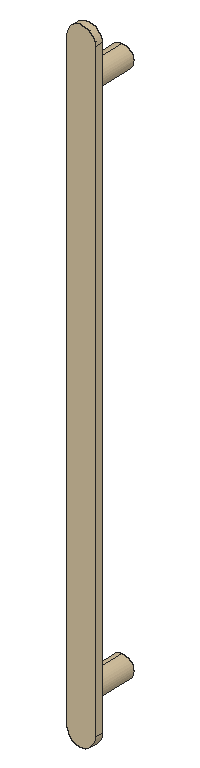
Revit family "Reece_Accessory_Mizu_Soothe_Heated Towel Rail_Vertical", category Plumbing Fixtures, Revit 2018
Family settings
  Round Connector Dimension = Use Diameter
  Part Type = Normal
  Work Plane-Based = Yes
  Always vertical = Yes
  Cut with Voids When Loaded = Yes
  Shared = Yes
  Room Calculation Point = Yes
Parameters (values of type "Brushed Gold")
  URL = "https://www.reece.com.au/product/-2002736"
  Type Comments = "Accessory"
  Reece_Product_Web Page = "https://www.reece.com.au/product/-2002736"
  Reece_Product_Type = "Accessory"  # constant formula
  Reece_Product_Sub Brand = "Soothe"  # constant formula
  Reece_Product_Number = "2002736"
  Reece_Product_Mount = "Wall Mounted"  # constant formula
  Reece_Product_Description = "Mizu Soothe Vertical Heated Towel Rail (Less Transformer) Brushed Gold"
  Reece_Product_Brand = "Mizu"  # constant formula
  Reece_Overall_Width = 40 mm  # constant formula
  Reece_Overall_Height = 900 mm  # constant formula
  Reece_Material_Main = Reece_Brass_Brushed Gold
  Reece_Height_From_Level [instance] = 600 mm
  Reece_Fixing_Point_Distance = 760 mm  # constant formula
  Reece_Electrical_Wattage = 20 W  # constant formula
  Reece_Electrical_Voltage = 12 V  # constant formula
  Reece_Electrical_IP Rating = "IP45"  # constant formula
  Reece_Detail_Shape = ""
  Reece_Detail_Installation = ""
  Reece_Detail_Connector = "Electrical input required. Refer to the product web page for further details."  # constant formula
  Reece_Detail_Additional = "Less Transformer, Vertical"  # constant formula
  Reece_Bottom_Offset [instance] = if(Reece_Height_From_Level < 600 mm, 600 mm, if(Reece_Height_From_Level > 600 mm, Reece_Height_From_Level, if(Reece_Height_From_Level = 0 mm, Reece_Height_From_Level, Reece_Height_From_Level)))  # 600 mm
  Reece_Accessory_Projection = 70 mm  # constant formula
  Model = "Soothe"
  Manufacturer = "Mizu"
  Keynote = "Product #2002736, Reece_Accessory_Mizu_Soothe_Heated Towel Rail_Vertical - Brushed Gold"
  Disclaimer = "THIS FILE IS THE PROPERTY OF THE REECE GROUP. IT MAY NOT BE REPRODUCED, REVERSE-ENGINEERED OR MODIFIED. ANY REPUBLICATION, TRANSMISSION OR DISTRIBUTION FOR THE PURPOSE OF COMMERCIALLY EXPLOITING THE FILES IS PROHIBITED."  # constant formula
  Description = "Mizu Soothe Vertical Heated Towel Rail (Less Transformer) Brushed Gold"
  Default Elevation = 0 mm
Types (5, lengths in mm): name | URL | Reece_Product_Web Page | Reece_Product_Number | Reece_Product_Description | Reece_Material_Main | Keynote | Description
  Polished Stainless Steel | "https://www.reece.com.au/product/-2002733" | "https://www.reece.com.au/product/-2002733" | "2002733" | "Mizu Soothe Vertical Heated Towel Rail (Less Transformer) Polished Stainless Steel" | Reece_Metal_Stainless Steel_Polished | "Product #2002733, Reece_Accessory_Mizu_Soothe_Heated Towel Rail_Vertical - Polished Stainless Steel" | "Mizu Soothe Vertical Heated Towel Rail (Less Transformer) Polished Stainless Steel"
  Brushed Stainless Steel | "https://www.reece.com.au/product/-2002734" | "https://www.reece.com.au/product/-2002734" | "2002734" | "Mizu Soothe Vertical Heated Towel Rail (Less Transformer) Brushed Stainless Steel" | Reece_Brass_Brushed Stainless Steel | "Product #2002734, Reece_Accessory_Mizu_Soothe_Heated Towel Rail_Vertical - Brushed Stainless Steel" | "Mizu Soothe Vertical Heated Towel Rail (Less Transformer) Brushed Stainless Steel"
  Matte Black | "https://www.reece.com.au/product/-2002735" | "https://www.reece.com.au/product/-2002735" | "2002735" | "Mizu Soothe Vertical Heated Towel Rail (Less Transformer) Matte Black" | Reece_Brass_Matte Black | "Product #2002735, Reece_Accessory_Mizu_Soothe_Heated Towel Rail_Vertical - Matte Black" | "Mizu Soothe Vertical Heated Towel Rail (Less Transformer) Matte Black"
  Brushed Gold | "https://www.reece.com.au/product/-2002736" | "https://www.reece.com.au/product/-2002736" | "2002736" | "Mizu Soothe Vertical Heated Towel Rail (Less Transformer) Brushed Gold" | Reece_Brass_Brushed Gold | "Product #2002736, Reece_Accessory_Mizu_Soothe_Heated Towel Rail_Vertical - Brushed Gold" | "Mizu Soothe Vertical Heated Towel Rail (Less Transformer) Brushed Gold"
  Brushed Gunmetal | "https://www.reece.com.au/product/-2007484" | "https://www.reece.com.au/product/-2007484" | "2007484" | "Mizu Soothe Vertical Heated Towel Rail (Less Transformer) Brushed Gunmetal" | Reece_Brass_Brushed Gunmetal | "Product #2007484, Reece_Accessory_Mizu_Soothe_Heated Towel Rail_Vertical - Brushed Gunmetal" | "Mizu Soothe Vertical Heated Towel Rail (Less Transformer) Brushed Gunmetal"
Reference planes
  plane 1 "Center (Front/Back)": y = 0
  plane 2 "Bottom Host Plane": z = -5
  plane 3 "Center (Left/Right)": x = 0
  plane 4 "Fixing Point": z = 600
  plane 5: y = -70
  plane 6: z = 1500
  plane 7: z = 1430
  plane 8: z = 670
Lines and regions (mm)
  model lines, style "InvisibleLines"
    curve 1: line (0, 0, -5) -> (0, 0, 600)
Text (mm)
  text "Reece ©" at (2943.753, -2068.85, 3004.21), in view "Reece Preview"
  text "Reece Copyright © 2018, Reece Ltd." at (-389.438, -177.531, 0), in view "Ref. Level"
Dimensions and locks
  locked: plane 2 "Bottom Host Plane" to level at 5
  "Reece_Bottom_Offset": plane 4 "Fixing Point" to level
  "Reece_Accessory_Projection": curve 1 to plane 5
  locked: plane 6 to plane 7 at 70
  "Reece_Fixing_Point_Distance": plane 7 to plane 8
  "Reece_Overall_Height": plane 6 to plane 4 "Fixing Point"
  aligned and locked: plane 3 "Center (Left/Right)" to nested 1
Automatic sketch dimensions
  curve 1 to plane 3 "Center (Left/Right)" = 0 mm
  curve 1 to plane 2 "Bottom Host Plane" = 0 mm
  curve 1 to plane 4 "Fixing Point" = 0 mm
Nested families
  nested 1: "Reece_Accessory_Mizu_Soothe_Heated Towel Rail_Vertical_Nested" at (0, 0, 600), Reece_Material_Main <- "Reece_Material_Main", type "Reece_Accessory_Mizu_Soothe_Heated Towel Rail_Vertical_Nested"
    with Reece_Material_Main Reece_Brass_Brushed Gold
Definition of nested family "Reece_Accessory_Mizu_Soothe_Heated Towel Rail_Vertical_Nested"
  Parameters (values of type "Reece_Accessory_Mizu_Soothe_Heated Towel Rail_Vertical_Nested")
    URL = ""
    Reece_Product_Web Page = ""
    Reece_Product_Type = ""
    Reece_Product_Sub Brand = ""
    Reece_Product_Number = ""
    Reece_Product_Mount = ""
    Reece_Product_Description = ""
    Reece_Product_Brand = ""
    Reece_Overall_Width = 40 mm  # constant formula
    Reece_Overall_Height = 900 mm  # constant formula
    Reece_Material_Main [instance] = none
    Reece_Fixing_Point_Distance = 760 mm  # constant formula
    Reece_Electrical_Wattage = 0 W
    Reece_Electrical_Voltage = 0 V
    Reece_Electrical_IP Rating = "0"
    Reece_Detail_Shape = ""
    Reece_Detail_Installation = ""
    Reece_Detail_Connector = ""
    Reece_Detail_Additional = ""
    Reece_Accessory_Projection = 70 mm  # constant formula
    Keynote = ""
    Description = ""
    Default Elevation = 0 mm
  Reference planes
    plane 1 "Center (Front/Back)": y = 0
    plane 2 "Bottom Host Plane": z = -5
    plane 3 "Center (Left/Right)": x = 0
    plane 4 "Fixing Point": z = 0
    plane 5: y = -70
    plane 6: z = 900
    plane 7: z = 830
    plane 8: z = 70
  Forms (mm)
    Revolve 1, solid, material <- "Reece_Material_Main"
      sketch origin (0, 0, 70) x (0, 1, 0) y (0, 0, 1)
        loop
          line (0, 0) -> (0, 16) -> (-60, 16) -> (-60, 0) -> (0, 0)
        axis (-60, 0) -> (0, 0)
      angle from 0 to 360
    Revolve 2, solid, material <- "Reece_Material_Main"
      sketch origin (0, 0, 70) x (0, 1, 0) y (0, 0, 1)
        loop
          line (0, 760) -> (0, 776) -> (-60, 776) -> (-60, 760) -> (0, 760)
        axis (-60, 760) -> (0, 760)
      angle from 0 to 360
    Extrusion 3, solid, material <- "Reece_Material_Main"
      sketch origin (0, -60, 70) x (1, 0, 0) y (0, 0, 1)
        loop
          line (20, -50) -> (20, 810)
          arc (20, 810) -> (0, 830) -> (-20, 810) r 20
          line (-20, 810) -> (-20, -50)
          arc (-20, -50) -> (0, -70) -> (20, -50) r 20
      from 0 to 10
  Text (mm)
    text "Reece ©" at (2943.753, -2068.85, 3004.21), in view "Reece Preview"
    text "Reece Copyright © 2018, Reece Ltd." at (-389.438, -177.531, 0), in view "Ref. Level"
  Dimensions and locks
    locked: plane 2 "Bottom Host Plane" to level at 5
    plane 4 "Fixing Point" to level = 0 mm
    locked: plane 6 to plane 7 at 70
    "Reece_Fixing_Point_Distance": plane 7 to plane 8
    "Reece_Overall_Height": plane 6 to plane 4 "Fixing Point"
    equal spacing: Extrusion 3 sketch curve, plane 3 "Center (Left/Right)", Extrusion 3 sketch curve
    "Reece_Overall_Width": Extrusion 3 sketch curve to Extrusion 3 sketch curve
    locked: Extrusion 3 sketch curve to plane 4 "Fixing Point" at 20
    locked: plane 6 to Extrusion 3 sketch curve at 20
  Automatic sketch dimensions
    Revolve 1 sketch curve to plane 1 "Center (Front/Back)" = 0 mm
    Revolve 1 sketch curve to plane 5 = 10 mm
    plane 4 "Fixing Point" to Revolve 1 sketch curve = 70 mm
    Revolve 1 sketch curve to Revolve 1 sketch curve = 16 mm
    Revolve 1 sketch curve to Revolve 1 sketch curve = 0 mm  (x2)
    Revolve 1 sketch curve to plane 1 "Center (Front/Back)" = 10 mm
    Revolve 2 sketch curve to plane 1 "Center (Front/Back)" = 0 mm
    Revolve 2 sketch curve to plane 5 = 10 mm
    Revolve 2 sketch curve to Revolve 2 sketch curve = 16 mm
    Revolve 2 sketch curve to Revolve 2 sketch curve = 0 mm  (x2)
    Revolve 2 sketch curve to plane 1 "Center (Front/Back)" = 15 mm
    Revolve 2 sketch curve to plane 6 = 70 mm
